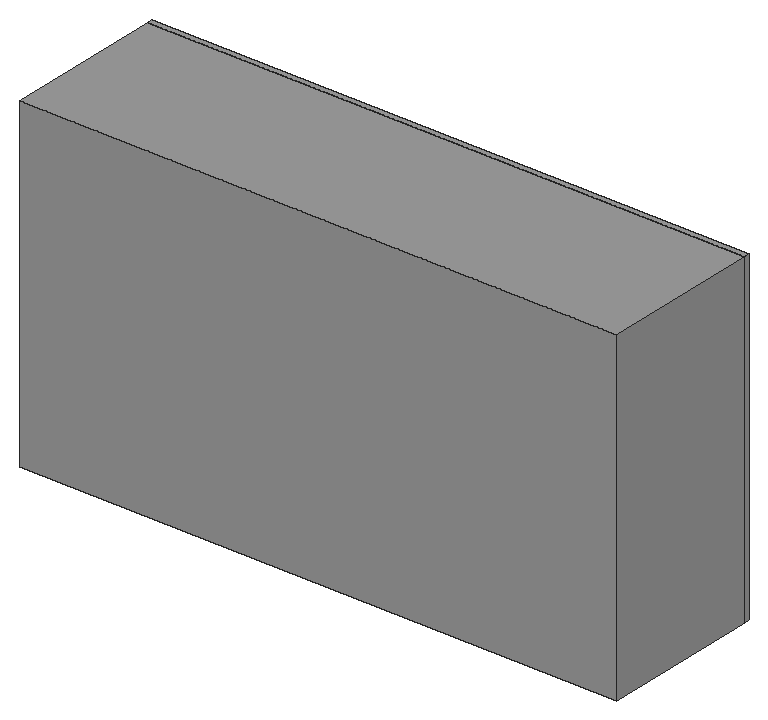
Revit family "Kubus M LED 1-s Sentr (ned_veggmontasje)", category Lighting Fixtures, Revit 2013
Parameters (values of type "23m")
  Width = 70 mm
  Wattage Comments = "17 W"
  Wattage = 9.2903 W
  built-in parameter 1150110 = 1 (stored number, unit not read)
  Voltage = 230 V
  URL = ""
  built-in parameter 1114217 = 1 (stored number, unit not read)
  Tilt Angle = 90.00°
  built-in parameter 1150109 = 1 (stored number, unit not read)
  built-in parameter 1150134 = 3
  Symbol Positive Direction [instance] = yes
  Symbol Offset Side [instance] = 0 mm
  Symbol Offset Out [instance] = 0 mm
  built-in parameter 1150113 = 1 (stored number, unit not read)
  Reference Line Out [instance] = 50 mm
  Photometric Web File = "20x42A12.ies"
  Number of Poles = 1
  built-in parameter 1150105 = 109.82 (stored number, unit not read)
  Lumens = 1380 lm
  built-in parameter 1150115 = 1 (stored number, unit not read)
  Load Classification [instance] = Other
  Model = ""
  Manufacturer = ""
  built-in parameter 1150137 = (empty or 0)
  built-in parameter 1150139 = (empty or 0)
  Length 1 = Length - 30 mm  # 225 mm
  Length = 255 mm
  built-in parameter 1150112 = 1 (stored number, unit not read)
  built-in parameter 1150114 = 1 (stored number, unit not read)
  Lamp = "1"
  built-in parameter 1150132 = (empty or 0)
  built-in parameter 1150102 = (empty or 0)
  built-in parameter 1150107 = 3200 (stored number, unit not read)
  built-in parameter 1150138 = (empty or 0)
  built-in parameter 1150106 = 1.0982 (stored number, unit not read)
  Height 1 = Height - 30 mm  # 110 mm
  Height = 140 mm
  Emit from Rectangle Width = Height  # 140 mm
  Emit from Rectangle Length = Length  # 255 mm
  Emit Shape Visible in Rendering = no
  built-in parameter 1150104 = 13.8 (stored number, unit not read)
  Dimming Lamp Color Temperature Shift = <None>
  Description = ""
  Color Filter = 16777215
  Body Material and Colour = Default
  built-in parameter 1114218 = 1 (stored number, unit not read)
  built-in parameter 1150133 = 10 (stored number, unit not read)
  Assembly Code = ""
  Apparent Load = 17 VA
  60m = no
  35m = no
  23m = yes
Types (3, lengths in mm): name | Reference Line Out | Length 1 | Length | Height 1 | Height | Emit from Rectangle Width | Emit from Rectangle Length | 60m | 35m | 23m
  23m | 50 | 225 | 255 | 110 | 140 | 140 | 255 | no | no | yes
  35m | 291.501 | 346 | 376 | 170 | 200 | 200 | 376 | no | yes | no
  60m | 50 | 575 | 605 | 285 | 315 | 315 | 605 | yes | no | no
Reference planes
  plane 1 "Light Source Axis (F/B)": y = 119.961
  plane 2 "Top": z = 83
  plane 3 "Light Source Axis (L/R)": x = 0
  plane 4 "Level": z = 0
  plane 5 "Bottom": z = -140
  plane 6: x = -127.5
  plane 7: x = 127.5
  plane 8: y = 187.961
  plane 9: y = 189.961
  plane 10: z = -15
  plane 11: x = -112.5
  plane 12: x = 112.5
  plane 13: z = -70
  plane 14: z = -125
Forms (mm)
  Extrusion 1, solid, material "Default" <- "Body Material and Colour"
    sketch origin (0, 119.961, 0) x (1, 0, 0) y (0, 0, 1)
      loop
        line (-127.5, 0) -> (-127.5, -140) -> (127.5, -140) -> (127.5, 0) -> (-127.5, 0)
    from 0 to -68
  Extrusion 2, solid, material "Default" <- "Body Material and Colour"
    sketch origin (0, 119.961, 0) x (1, 0, 0) y (0, 0, 1)
      loop
        line (-127.5, 0) -> (-127.5, -140) -> (127.5, -140) -> (127.5, 0) -> (-127.5, 0)
      loop
        line (-112.5, -15) -> (-112.5, -125) -> (112.5, -125) -> (112.5, -15) -> (-112.5, -15)
    from -70 to -68
Lines and regions (mm)
  model lines, style "InvisibleLines"
    curve 1: line (0, 119.961, 0) -> (0, 169.961, 0)
Dimensions and locks
  equal spacing: plane 6, plane 3 "Light Source Axis (L/R)", plane 7
  "Length": plane 6 to plane 7
  plane 8 to plane 1 "Light Source Axis (F/B)" = 68 mm
  locked: plane 9 to plane 8 at 2
  equal spacing: plane 4 "Level", plane 13, plane 5 "Bottom"
  "Height": plane 4 "Level" to plane 5 "Bottom"
  equal spacing: plane 11, plane 3 "Light Source Axis (L/R)", plane 12
  "Length 1": plane 11 to plane 12
  equal spacing: plane 10, plane 13, plane 14
  "Height 1": plane 10 to plane 14
  "Width": plane 1 "Light Source Axis (F/B)" to plane 9
  "Reference Line Out": plane 1 "Light Source Axis (F/B)" to curve 1
  aligned and locked: plane 4 "Level" to level
  aligned and locked: plane 8 to nested 2
  aligned and locked: nested 2 to plane 13
  aligned and locked: plane 3 "Light Source Axis (L/R)" to nested 3
  aligned and locked: plane 1 "Light Source Axis (F/B)" to nested 3
  aligned and locked: plane 8 to nested 1
  aligned and locked: plane 4 "Level" to Extrusion 1 sketch curve
  aligned and locked: plane 6 to Extrusion 1 sketch curve
  aligned and locked: plane 5 "Bottom" to Extrusion 1 sketch curve
  aligned and locked: Extrusion 1 sketch curve to plane 7
  aligned and locked: Extrusion 1 to plane 8
  aligned and locked: plane 1 "Light Source Axis (F/B)" to Extrusion 1
  aligned and locked: plane 4 "Level" to Extrusion 2 sketch curve
  aligned and locked: Extrusion 2 sketch curve to plane 7
  aligned and locked: plane 5 "Bottom" to Extrusion 2 sketch curve
  aligned and locked: plane 6 to Extrusion 2 sketch curve
  aligned and locked: Extrusion 2 sketch curve to plane 10
  aligned and locked: plane 11 to Extrusion 2 sketch curve
  aligned and locked: plane 14 to Extrusion 2 sketch curve
  aligned and locked: Extrusion 2 sketch curve to plane 12
  aligned and locked: plane 8 to Extrusion 2
  aligned and locked: Extrusion 2 to plane 9
  aligned and locked: nested 1 to plane 13
  aligned and locked: plane 13 to nested 4
  aligned and locked: plane 3 "Light Source Axis (L/R)" to nested 4
  aligned and locked: plane 8 to nested 4
  aligned and locked: imposter light to plane 9
  aligned and locked: plane 13 to imposter light
  aligned and locked: plane 1 "Light Source Axis (F/B)" to curve 1
  aligned and locked: plane 3 "Light Source Axis (L/R)" to curve 1
Nested families
  nested 1: "23m_ned" at (0, 187.961, -70), visible <- "23m", type "23m"
  nested 2: "35m_ned" at (0, 187.961, -70), visible <- "35m", type "35m"
  nested 3: "MarkeringslysS" at (0, 119.961, 0), type "Type 1"
  nested 4: "60m_ned" at (0, 189.961, -70), visible <- "60m", type "60m"
Connectors
  electrical at (0, 119.961, 0), driven by "Number of Poles", driven by "Load Classification", driven by "Voltage", driven by "Apparent Load"
    settings: index 1, voltage 230 V, apparent load 0 VA, apparent load phase1 17 VA, apparent load phase2 0 VA, apparent load phase3 0 VA, power factor 1, load classification "Other", number of poles 1, system type 31, power factor state 1, is connector primary yes, connector utility no, sub classification motor no, connector description ""
Definition of nested family "23m_ned"
  Parameters (values of type "23m")
    Material = yes
    L = 205 mm
    H = 135 mm
  Reference planes
    plane 1 "Center (Front/Back)": y = 0
    plane 2: z = 0
    plane 3 "Center (Left/Right)": x = 0
    plane 4: y = -2
  Forms (mm)
    Extrusion 1, solid, material "Green", visible <- "Material"
      sketch origin (453.48, 0, -265.275) x (1, 0, 0) y (0, 0, 1)
        loop
          line (-565.98, 320.275) -> (-565.98, 210.275) -> (-340.98, 210.275) -> (-340.98, 320.275) -> (-565.98, 320.275)
        loop
          line (-422.842, 245.775) -> (-401.175, 224.108) -> (-379.508, 245.775) -> (-379.508, 258.775) -> (-394.675, 243.608) -> (-394.675, 307.775) -> (-407.675, 307.775) -> (-407.675, 243.608) -> (-422.842, 258.775) -> (-422.842, 245.775)
        loop
          circle (-474.766, 303.483) r 7
        loop
          line (-480.5, 291.17) -> (-486.111, 295.878) -> (-519.738, 289.33) -> (-528.167, 276.351)
          arc (-528.167, 276.351) -> (-528.437, 274.892) -> (-527.597, 273.669) r 1.939
          line (-527.597, 273.669) -> (-525.357, 272.215)
          arc (-525.357, 272.215) -> (-523.849, 271.956) -> (-522.622, 272.872) r 1.939
          line (-522.622, 272.872) -> (-516.565, 283.363) -> (-499.748, 286.638) -> (-516.024, 258.447) -> (-532.794, 258.447)
          arc (-532.794, 258.447) -> (-535.079, 257.5) -> (-536.025, 255.215) r 3.232
          line (-536.025, 255.215) -> (-536.025, 251.984)
          arc (-536.025, 251.984) -> (-535.079, 249.699) -> (-532.794, 248.752) r 3.232
          line (-532.794, 248.752) -> (-499.232, 248.752) -> (-494.068, 257.695) -> (-487.551, 252.226) -> (-487.551, 225.892)
          arc (-487.551, 225.892) -> (-486.604, 223.607) -> (-484.319, 222.661) r 3.232
          line (-484.319, 222.661) -> (-481.087, 222.661)
          arc (-481.087, 222.661) -> (-478.802, 223.607) -> (-477.856, 225.892) r 3.232
          line (-477.856, 225.892) -> (-477.856, 256.746) -> (-489.146, 266.22) -> (-484.224, 274.746) -> (-473.474, 265.726)
          arc (-473.474, 265.726) -> (-472.059, 265.28) -> (-470.743, 265.965) r 1.939
          line (-470.743, 265.965) -> (-469.081, 267.946)
          arc (-469.081, 267.946) -> (-468.635, 269.361) -> (-469.32, 270.677) r 1.939
          line (-469.32, 270.677) -> (-480.942, 280.43) -> (-476.849, 287.519) -> (-480.5, 291.17)
      from 0 to 2
  Dimensions and locks
    Extrusion 1 sketch curve to plane 3 "Center (Left/Right)" to Extrusion 1 sketch curve = 112.5 mm, 112.5 mm
    aligned and locked: level to plane 2
Definition of nested family "35m_ned"
  Parameters (values of type "30m")
    Material = yes
    L = 425.577 mm
    H = 260 mm
  Reference planes
    plane 1 "Center (Front/Back)": y = 0
    plane 2: z = 0
    plane 3 "Center (Left/Right)": x = 0
    plane 4: y = -2
  Forms (mm)
    Extrusion 1, solid, material "Green", visible <- "Material"
      sketch origin (0, 0, 0) x (1, 0, 0) y (0, 0, 1)
        loop
          line (-173, 85) -> (-173, -85) -> (173, -85) -> (173, 85) -> (-173, 85)
        loop
          line (46.366, -28.333) -> (88.033, -70) -> (129.699, -28.333) -> (129.699, -3.333) -> (100.533, -32.5) -> (100.533, 71.667) -> (75.533, 71.667) -> (75.533, -32.5) -> (46.366, -3.333) -> (46.366, -28.333)
        loop
          circle (-41.697, 48.678) r 8.988
        loop
          line (-49.059, 32.868) -> (-56.264, 38.913) -> (-99.442, 30.506) -> (-110.264, 13.841)
          arc (-110.264, 13.841) -> (-110.611, 11.967) -> (-109.532, 10.397) r 2.49
          line (-109.532, 10.397) -> (-106.657, 8.53)
          arc (-106.657, 8.53) -> (-104.72, 8.197) -> (-103.145, 9.373) r 2.49
          line (-103.145, 9.373) -> (-95.367, 22.844) -> (-73.774, 27.049) -> (-94.672, -9.148) -> (-116.205, -9.148)
          arc (-116.205, -9.148) -> (-119.139, -10.364) -> (-120.355, -13.298) r 4.149
          line (-120.355, -13.298) -> (-120.355, -17.447)
          arc (-120.355, -17.447) -> (-119.139, -20.381) -> (-116.205, -21.597) r 4.149
          line (-116.205, -21.597) -> (-73.111, -21.597) -> (-66.481, -10.114) -> (-58.112, -17.137) -> (-58.112, -50.949)
          arc (-58.112, -50.949) -> (-56.897, -53.883) -> (-53.963, -55.098) r 4.149
          line (-53.963, -55.098) -> (-49.813, -55.098)
          arc (-49.813, -55.098) -> (-46.879, -53.883) -> (-45.664, -50.949) r 4.149
          line (-45.664, -50.949) -> (-45.664, -11.332) -> (-60.161, 0.833) -> (-53.841, 11.78) -> (-40.038, 0.198)
          arc (-40.038, 0.198) -> (-38.221, -0.375) -> (-36.531, 0.505) r 2.49
          line (-36.531, 0.505) -> (-34.397, 3.048)
          arc (-34.397, 3.048) -> (-33.824, 4.865) -> (-34.704, 6.556) r 2.49
          line (-34.704, 6.556) -> (-49.627, 19.078) -> (-44.372, 28.181) -> (-49.059, 32.868)
      from 0 to 2
  Dimensions and locks
    aligned and locked: level to plane 2
    aligned and locked: plane 4 to Extrusion 1
    aligned and locked: Extrusion 1 to plane 1 "Center (Front/Back)"
    aligned and locked: Extrusion 1 to plane 4
Definition of nested family "60m_ned"
  Parameters (values of type "60m")
    Material = yes
    L = 425.577 mm
    H = 260 mm
  Reference planes
    plane 1 "Center (Front/Back)": y = 0
    plane 2: z = 0
    plane 3 "Center (Left/Right)": x = 0
    plane 4: y = -2
  Forms (mm)
    Extrusion 1, solid, material "Green", visible <- "Material"
      sketch origin (0, 0, 0) x (1, 0, 0) y (0, 0, 1)
        loop
          line (-287.5, 142.5) -> (-287.5, -142.5) -> (287.5, -142.5) -> (287.5, 142.5) -> (-287.5, 142.5)
        loop
          line (72.479, -38.33) -> (140.533, -106.384) -> (208.587, -38.33) -> (208.587, 2.503) -> (160.949, -45.135) -> (160.949, 125) -> (120.117, 125) -> (120.117, -45.135) -> (72.479, 2.503) -> (72.479, -38.33)
        loop
          circle (-89.224, 88.058) r 17.538
        loop
          line (-103.589, 57.208) -> (-117.647, 69.004) -> (-201.898, 52.599) -> (-223.014, 20.082)
          arc (-223.014, 20.082) -> (-223.692, 16.426) -> (-221.586, 13.362) r 4.858
          line (-221.586, 13.362) -> (-215.976, 9.718)
          arc (-215.976, 9.718) -> (-212.196, 9.069) -> (-209.123, 11.364) r 4.858
          line (-209.123, 11.364) -> (-193.947, 37.65) -> (-151.813, 45.854) -> (-192.591, -24.776) -> (-234.607, -24.776)
          arc (-234.607, -24.776) -> (-240.332, -27.148) -> (-242.704, -32.873) r 8.097
          line (-242.704, -32.873) -> (-242.704, -40.969)
          arc (-242.704, -40.969) -> (-240.332, -46.695) -> (-234.607, -49.066) r 8.097
          line (-234.607, -49.066) -> (-150.52, -49.066) -> (-137.584, -26.66) -> (-121.254, -40.363) -> (-121.254, -106.339)
          arc (-121.254, -106.339) -> (-118.882, -112.064) -> (-113.157, -114.436) r 8.097
          line (-113.157, -114.436) -> (-105.06, -114.436)
          arc (-105.06, -114.436) -> (-99.335, -112.064) -> (-96.964, -106.339) r 8.097
          line (-96.964, -106.339) -> (-96.964, -29.037) -> (-125.251, -5.3) -> (-112.919, 16.06) -> (-85.987, -6.539)
          arc (-85.987, -6.539) -> (-82.441, -7.657) -> (-79.143, -5.94) r 4.858
          line (-79.143, -5.94) -> (-74.979, -0.978)
          arc (-74.979, -0.978) -> (-73.861, 2.568) -> (-75.578, 5.866) r 4.858
          line (-75.578, 5.866) -> (-104.697, 30.3) -> (-94.443, 48.062) -> (-103.589, 57.208)
      from 0 to 2
  Dimensions and locks
    aligned and locked: level to plane 2
    aligned and locked: Extrusion 1 to plane 4  (x2)
    aligned and locked: Extrusion 1 to plane 1 "Center (Front/Back)"
Definition of nested family "MarkeringslysS"
  Parameters (values of type "Type 1")
    CQ Symbol Positive Direction = yes
    CQ Symbol Negative Direction = not(CQ Symbol Positive Direction)  # no
    CQ Symbol Offset Side = 0 mm
    CQ Symbol Offset Out = 0 mm
  Reference planes
    plane 1: y = 0
    plane 2: x = 0
  Dimensions and locks
    "CQ Symbol Offset Out": plane 1 to nested 1
    "CQ Symbol Offset Out": plane 1 to nested 2
    "CQ Symbol Offset Side": plane 2 to nested 2
    "CQ Symbol Offset Side": nested 1 to plane 2
  Nested families
    nested 1: "LedelysSub" at (0, 0, 0), visible <- "CQ Symbol Negative Direction", type "Type 1"
    nested 2: "LedelysSub" at (0, 0, 0), visible <- "CQ Symbol Positive Direction", type "Type 1"
  Definition of nested family "LedelysSub"
    Reference planes
      plane 1: y = 0
      plane 2: x = 0
    Lines and regions (mm)
      Filled region 1, type "Filled region 1"
        outline origin (64.576, 53.459, 0) x (1, 0, 0) y (0, 1, 0)
          loop
            arc (-65.575, -52.307) -> (-65.224, -51.459) -> (-65.575, -50.61) r 1.2
            line (-65.575, -50.61) -> (-66.424, -51.459) -> (-65.575, -52.307)
      Filled region 2, type "Filled region 1"
        outline origin (-68.271, 53.459, 0) x (0, 1, 0) y (-1, 0, 0)
          loop
            line (-52.307, -65.575) -> (-51.459, -66.424) -> (-50.61, -65.575)
            arc (-50.61, -65.575) -> (-51.459, -65.224) -> (-52.307, -65.575) r 1.2
      detail lines
        curve 1: line (-4, 0, 0) -> (4, 0, 0)
        curve 2: line (4, 0, 0) -> (4, 4, 0)
        curve 3: line (4, 4, 0) -> (-4, 4, 0)
        curve 4: line (-4, 4, 0) -> (-4, 0, 0)
        curve 5: line (-3.097, 0.75, 0) -> (-0.597, 3.25, 0)
        curve 6: line (-3.097, 3.25, 0) -> (-0.597, 0.75, 0)
        curve 7: circle (-1.847, 2, 0) r 1.2 normal (0, 0, 1)
    Text (mm)
      text "ML" at (2.179, 3.025, 0)
    Dimensions and locks
      aligned and locked: Filled region 1 sketch curve to curve 7
